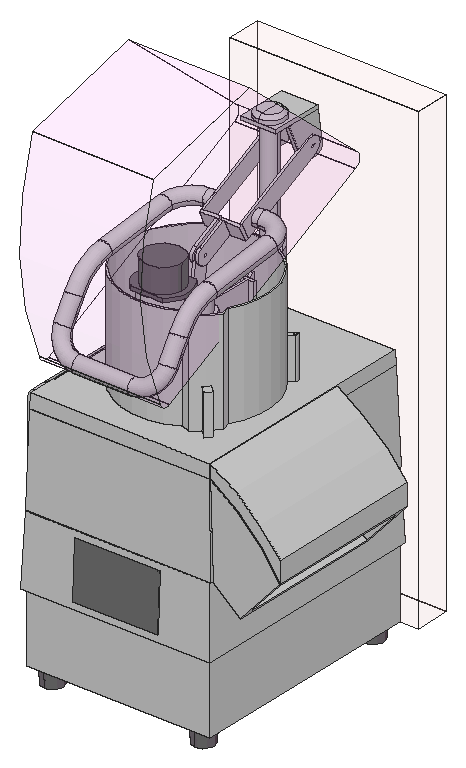
Revit family "Cortadora_CK-48V_1_GENERADO", category Equipos especializados, Revit 2020
Family settings
  Cota de conector redondo = Diámetro de uso
  Tipo de pieza = Normal
  Número OmniClass = 23.21.21.31.15
  Se basa en plano de trabajo = No
  Siempre vertical = Sí
  Corte con vacíos al cargar = No
  Compartido = No
  Punto de cálculo de habitación = No
Parameters (values of type "Combi vegetable prep.-cutter CK-48V 120/50-60/1")
  Width = 391 mm
  Weight in Pounds = 67.9
  Watts = 1500 W
  Volts = 120 V
  URL Cutsheet = "http://www.sammic.com/dl/454812/5b9ab/ps-en-1050822-combi-ck-48v.pdf"
  URL = "https://www.sammic.com/model/1050822"
  Specification by Manufacturer = "It has a variable speed motor block, large-capacity head and 8-lt cutter bowl equipped with a rotor with micro-serrated blades.\n\"Brushless\" technology."
  Show Logo [instance] = yes
  Show Clearances [instance] = yes
  Revision Code = "1"
  Phase = 1
  Modelo = "1050822"
  Height = 652 mm
  HP = "2.01"
  Foodservice Equipment Identifier = yes
  Fabricante = "SAMMIC S.L."
  FL Amps = 15 A
  Elevación por defecto = 0 mm
  Descripción = "Combi vegetable prep.-cutter CK-48V 120/50-60/1"
  Depth = 400 mm
  Cycle = 60 Hz
  Conn Plug = "USA (NEMA 5-15P / 2P+G)"
  Comentarios de tipo = "2 in 1: high capacity vegetable cutter (650 kg/h) + cutter with 8 litre bowl."
Types (4, lengths in mm): name | Volts | URL Cutsheet | URL | Modelo | FL Amps | Descripción | Cycle | Conn Plug
  (no name) | 120 V | "http://www.sammic.com/dl/454812/5b9ab/ps-en-1050822-combi-ck-48v.pdf" | "https://www.sammic.com/model/1050822" | "1050822" | 15 A | "Combi vegetable prep.-cutter CK-48V 120/50-60/1" | 60 Hz | "USA (NEMA 5-15P / 2P+G)"
  Combi vegetable prep.-cutter CK-48V 230/50-60/1 | 230 V | "http://www.sammic.com/dl/454811/72a48/ps-en-1050821-combi-ck-48v.pdf" | "https://www.sammic.com/model/1050821" | "1050821" | 10 A | "Combi vegetable prep.-cutter CK-48V 230/50-60/1" | 50 Hz | "EU (SCHUKO 2P+G)"
  Combi vegetable prep.-cutter CK-48V 120/50-60/1 | 120 V | "http://www.sammic.com/dl/454812/5b9ab/ps-en-1050822-combi-ck-48v.pdf" | "https://www.sammic.com/model/1050822" | "1050822" | 15 A | "Combi vegetable prep.-cutter CK-48V 120/50-60/1" | 60 Hz | "USA (NEMA 5-15P / 2P+G)"
  Combi vegetable prep.-cutter CK-48V 230/50-60/1 AUS | 230 V | "http://www.sammic.com/dl/454813/a198f/ps-en-1050823-combi-ck-48v.pdf" | "https://www.sammic.com/model/1050823" | "1050823" | 10 A | "Combi vegetable prep.-cutter CK-48V 230/50-60/1 AUS" | 50 Hz | "AU/NZ (AS 3112 10A / 2P)"
Reference planes
  plane 1 "Centro (Frontal/Posterior)": y = 0
  plane 2: z = 0
  plane 3 "Centro (Izquierda/Derecha)": x = 0
  plane 4: x = 357.084
  plane 5: x = -19.1
  plane 6: y = 28.8
  plane 7: through (4267.2, -357.37, 435.938) normal (0, -0.4258, 0.9048)
Forms (mm)
  Extrusion 1, solid
    sketch origin (0, 0, 0) x (1, 0, 0) y (0, 1, 0)
      loop
        line (0, 0) -> (0, -336.5) -> (259.8, -336.5) -> (259.8, 0) -> (0, 0)
    from 21 to 120
  Revolve 2, solid
    sketch origin (23, 0, 0) x (0, 1, 0) y (0, 0, 1)
      loop
        line (-335, 21) -> (-333.5, 0) -> (-319, 0) -> (-319, 21) -> (-335, 21)
      axis (-319, 21) -> (-319, 0)
    angle from 0 to 360
  Revolve 3, solid
    sketch origin (236.8, 0, 0) x (0, 1, 0) y (0, 0, 1)
      loop
        line (-335, 21) -> (-333.5, 0) -> (-319, 0) -> (-319, 21) -> (-335, 21)
      axis (-319, 21) -> (-319, 0)
    angle from 0 to 360
  Revolve 4, solid
    sketch origin (236.8, 301.5, 0) x (0, 1, 0) y (0, 0, 1)
      loop
        line (-335, 21) -> (-333.5, 0) -> (-319, 0) -> (-319, 21) -> (-335, 21)
      axis (-319, 21) -> (-319, 0)
    angle from 0 to 360
  Revolve 5, solid
    sketch origin (23, 301.5, 0) x (0, 1, 0) y (0, 0, 1)
      loop
        line (-335, 21) -> (-333.5, 0) -> (-319, 0) -> (-319, 21) -> (-335, 21)
      axis (-319, 21) -> (-319, 0)
    angle from 0 to 360
  Extrusion 6, solid
    sketch origin (0, 0, 0) x (0, 1, 0) y (0, 0, 1)
      loop
        line (-337.559, 209.463) -> (-338.558, 209.506) -> (-341.99, 129.58) -> (-340.991, 129.537) -> (-337.559, 209.463)
    from 69.9 to 189.9
  Revolve 7, solid
    sketch origin (0, 0, 157) x (1, 0, 0) y (0, 1, 0)
      loop
        line (211.45, 2.8) -> (224.95, 2.8) -> (224.95, 28.8) -> (211.45, 28.8) -> (211.45, 2.8)
      axis (224.95, 28.8) -> (224.95, 2.8)
    angle from 0 to 360
  Extrusion 8, solid
    sketch origin (26.882, -11.283, 5.525) x (1, 0, 0) y (0, 1, 0)
      loop
        circle (103.652, -246.7) r 27.4
    from 510.225 to 549.225
  Extrusion 9, solid
    sketch origin (377.233, -154.331, 5.525) x (0, -1, 0) y (1, 0, 0)
      loop
        arc (74.652, -269.678) -> (103.652, -283.7) -> (132.652, -269.678) r 37
        line (132.652, -269.678) -> (132.652, -223.721)
        arc (132.652, -223.721) -> (103.652, -209.7) -> (74.652, -223.721) r 37
        line (74.652, -223.721) -> (74.652, -269.678)
      loop
        circle (103.652, -246.7) r 27.4
    from 510.225 to 515.225
  Extrusion 10, solid
    sketch origin (0, 0, 0) x (0, 1, 0) y (0, 0, 1)
      loop
        line (-184.25, 195) -> (-184.25, 219) -> (-214.25, 219) -> (-214.25, 195) -> (-211.25, 195) -> (-211.25, 216) -> (-187.25, 216) -> (-187.25, 195) -> (-184.25, 195)
    from -19.1 to -1.647
  Extrusion 11, solid
    sketch origin (0, 0, 0) x (0, 1, 0) y (0, 0, 1)
      loop
        line (-7.849, 596.091) -> (-15.249, 643.55) -> (-66.749, 643.55) -> (-43.086, 590.478)
        arc (-43.086, 590.478) -> (-39.397, 586.162) -> (-33.953, 584.55) r 10
        line (-33.953, 584.55) -> (-17.73, 584.55)
        arc (-17.73, 584.55) -> (-10.133, 588.046) -> (-7.849, 596.091) r 10
      loop
        circle (-28.249, 603.55) r 6.125
    from 150.534 to 155.534
  Extrusion 12, solid
    sketch origin (-45, 0, 0) x (0, 1, 0) y (0, 0, 1)
      loop
        line (-7.849, 596.091) -> (-15.249, 643.55) -> (-66.749, 643.55) -> (-43.086, 590.478)
        arc (-43.086, 590.478) -> (-39.397, 586.162) -> (-33.953, 584.55) r 10
        line (-33.953, 584.55) -> (-17.73, 584.55)
        arc (-17.73, 584.55) -> (-10.133, 588.046) -> (-7.849, 596.091) r 10
      loop
        circle (-28.249, 603.55) r 6.125
    from 150.534 to 155.534
  Extrusion 13, solid
    sketch origin (0, 0, 0) x (0, 1, 0) y (0, 0, 1)
      loop
        line (-88.249, 643.55) -> (-15.249, 643.55) -> (-15.249, 648.55) -> (-88.249, 648.55) -> (-88.249, 643.55)
    from 105.534 to 155.534
  Extrusion 14, solid
    sketch origin (0, 0, 0) x (1, 0, 0) y (0, 1, 0)
      loop
        circle (130.468, -67.749) r 17.5
    from 483.65 to 495.65
  Extrusion 15, solid
    sketch origin (0, 0, 0) x (1, 0, 0) y (0, 1, 0)
      loop
        circle (130.534, -67.749) r 11
    from 495.65 to 643.55
  Revolve 16, solid
    sketch origin (130.468, 0, 0) x (0, 1, 0) y (0, 0, 1)
      loop
        line (-67.749, 658.55) -> (-67.749, 648.55) -> (-47.749, 648.55) -> (-47.749, 653.55) -> (-52.749, 658.55) -> (-67.749, 658.55)
      axis (-67.749, 658.55) -> (-67.749, 648.55)
    angle from 0 to 360
  Extrusion 17, solid
    sketch origin (0, 0, 0) x (0, 1, 0) y (0, 0, 1)
      loop
        arc (-369.948, 444.226) -> (-363.793, 436.882) -> (-354.21, 436.903) r 11.305
        line (-354.21, 436.903) -> (-24.343, 592.126)
        arc (-24.343, 592.126) -> (-16.044, 600.706) -> (-19.741, 612.056) r 11.573
        line (-19.741, 612.056) -> (-211.539, 778.246) -> (-381.288, 735.859)
        arc (-381.288, 735.859) -> (-404.982, 588.901) -> (-369.948, 444.226) r 377.017
    from 45.047 to 216.86
  Extrusion 18, solid
    sketch origin (0, 0, 0) x (0, 1, 0) y (0, 0, 1)
      loop
        line (28.8, 658.55) -> (28.8, 0) -> (78.8, 0) -> (78.8, 658.55) -> (28.8, 658.55)
    from -4.15 to 263.95
Lines and regions (mm)
  symbolic lines, style "200-EquipBorder-2D"
    curve 1: line (238.45, 28.8, 0) -> (211.45, 28.8, 0)
    curve 2: line (211.45, 28.8, 0) -> (211.45, 4.9, 0)
    curve 3: line (211.45, 4.9, 0) -> (-4.15, 4.9, 0)
    curve 4: line (-4.15, 4.9, 0) -> (-4.15, -65.2, 0)
    curve 5: line (-4.15, -65.2, 0) -> (-17.689, -65.2, 0)
    curve 6: line (-17.689, -65.2, 0) -> (-17.689, -85.2, 0)
    curve 7: line (-17.689, -85.2, 0) -> (-4.15, -85.2, 0)
    curve 8: line (-4.15, -85.2, 0) -> (-4.15, -86.2, 0)
    curve 9: line (-4.15, -86.2, 0) -> (-17.689, -86.2, 0)
    curve 10: line (-17.689, -86.2, 0) -> (-17.689, -184.25, 0)
    curve 11: line (-17.689, -184.25, 0) -> (-19.1, -184.25, 0)
    curve 12: line (-19.1, -184.25, 0) -> (-19.1, -214.25, 0)
    curve 13: line (-19.1, -214.25, 0) -> (-17.658, -214.25, 0)
    curve 14: line (-17.658, -214.25, 0) -> (-17.658, -290.7, 0)
    curve 15: line (-17.658, -290.7, 0) -> (-4.15, -290.7, 0)
    curve 16: line (-4.15, -290.7, 0) -> (-4.15, -291.7, 0)
    curve 17: line (-4.15, -291.7, 0) -> (-17.689, -291.7, 0)
    curve 18: line (-17.689, -291.7, 0) -> (-17.689, -311.7, 0)
    curve 19: line (-17.689, -311.7, 0) -> (-4.15, -311.7, 0)
    curve 20: line (-4.15, -311.7, 0) -> (-4.15, -341.4, 0)
    curve 21: line (263.95, -341.4, 0) -> (263.95, -333.216, 0)
    curve 22: line (263.95, -333.216, 0) -> (357.084, -333.216, 0)
    curve 23: line (357.084, -333.216, 0) -> (357.084, -107.816, 0)
    curve 24: line (357.084, -107.816, 0) -> (263.95, -107.816, 0)
    curve 25: line (263.95, -107.816, 0) -> (263.95, 4.9, 0)
    curve 26: line (263.95, 4.9, 0) -> (238.45, 4.9, 0)
    curve 27: line (238.45, 4.9, 0) -> (238.45, 28.8, 0)
    curve 28: line (-4.15, -341.4, 0) -> (45.039, -341.4, 0)
    curve 29: line (263.95, -341.4, 0) -> (216.037, -341.4, 0)
    curve 30: line (90.534, -369.948, 0) -> (170.534, -369.948, 0)
    curve 31: line (45.039, -341.4, 0) -> (58.437, -361.948, 0)
    curve 32: line (58.437, -361.948, 0) -> (90.534, -369.948, 0)
    curve 33: line (216.037, -341.4, 0) -> (170.534, -369.948, 0)
  model lines, style "QF-Door-Drawer_Clearances"
    curve 34: line (45.047, -405.267, 0) -> (216.86, -405.267, 0)
  symbolic lines, style "QF-Clearances"
    curve 35: line (-4.15, 78.8, 0) -> (263.95, 78.8, 0)
Dimensions and locks
  aligned and locked: level to plane 2
Nested families
  nested 1: "Carcasa_CK-35" at (-4.15, 4.9, 0), type "Carcasa_CK-35"
    with Show Logo yes, Show Clearances yes
  nested 2: "CK-35_Cortadora_Entrada" at (0, 0, 0), type "CK-35_Cortadora_Entrada"
    with Show Logo yes, Show Clearances yes
  nested 3: "CA-401_Cortadora_Entrada_Tapa" at (0, 0, 0), type "CA-401_Cortadora_Entrada_Tapa"
    with Show Logo yes, Show Clearances yes
  nested 4: "CA-401_Cortadora_Pisador" at (0, 0, 0), type "CA-401_Cortadora_Pisador"
    with Show Logo yes, Show Clearances yes
  nested 5: "CA-401_Cortadora_Palanca" at (130.534, -209.849, 11.171), type "CA-401_Cortadora_Palanca"
    with Show Logo yes, Show Clearances yes
Connectors
  electrical at (224.95, 2.8, 157)
    settings: on Revolve 7, index 1, voltage 230 V, apparent load 0 VA, apparent load phase1 0 VA, apparent load phase2 0 VA, apparent load phase3 0 VA, power factor 1, load classification "Otro", number of poles 1, system type 31, power factor state 1, is connector primary yes, connector utility no, sub classification motor no, connector description "Conexion electrica"
Definition of nested family "Carcasa_CK-35"
  Parameters
    Show Logo [instance] = yes
    Show Clearances [instance] = yes
    Default Elevation = 0 mm
  Reference planes
    plane 1 "Centro (Frontal/Posterior)": y = 0
    plane 2: z = 0
    plane 3 "Centro (Izquierda/Derecha)": x = 0
    plane 4: x = 134.05
  Forms (mm)
    Extrusion 1, solid
      sketch origin (0, 0, 0) x (1, 0, 0) y (0, 1, 0)
        loop
          line (0, 0) -> (0, -346.3) -> (268.1, -346.3) -> (268.1, 0) -> (0, 0)
      from 120 to 219
    Extrusion 2, void
      sketch origin (0, 0, 0) x (0, 1, 0) y (0, 0, 1)
        loop
          line (-347.3, 120) -> (-346.3, 120) -> (-342.05, 219) -> (-342.05, 220) -> (-347.3, 220) -> (-347.3, 120)
        loop
          line (0, 120) -> (1, 120) -> (1, 220) -> (-4.25, 220) -> (-4.25, 219) -> (0, 120)
      from 0 to 268.1
    Extrusion 3, void
      sketch origin (0, 0, 0) x (1, 0, 0) y (0, 0, 1)
        loop
          line (-1, 120) -> (0, 120) -> (3.55, 219) -> (3.55, 220) -> (-1, 220) -> (-1, 120)
        loop
          line (268.1, 120) -> (269.1, 120) -> (269.1, 220) -> (264.55, 220) -> (264.55, 219) -> (268.1, 120)
      from 0 to 347.3
    Extrusion 4, solid
      sketch origin (0, 0, 0) x (1, 0, 0) y (0, 1, 0)
        loop
          circle (134.05, -204.15) r 97
      from 219 to 231.5
  Cuts and joins
    Extrusion 2, Extrusion 3 cuts Extrusion 1
  Dimensions and locks
    aligned and locked: level to plane 2
Definition of nested family "CK-35_Cortadora_Entrada"
  Parameters
    Show Logo [instance] = yes
    Show Clearances [instance] = yes
    Default Elevation = 0 mm
  Reference planes
    plane 1 "Centro (Frontal/Posterior)": y = 0
    plane 2: z = 0
    plane 3 "Centro (Izquierda/Derecha)": x = 0
    plane 4: z = 219
  Forms (mm)
    Extrusion 1, solid
      sketch origin (0, 0, 0) x (1, 0, 0) y (0, 1, 0)
        loop
          line (-1.6, 0.5) -> (-1.6, -337) -> (261.4, -337) -> (261.4, 0.5) -> (-1.6, 0.5)
      from 219 to 348
    Extrusion 2, void
      sketch origin (0, 0, 0) x (1, 0, 0) y (0, 0, 1)
        loop
          line (2.9, 367.3) -> (2.9, 368.3) -> (-2.6, 368.3) -> (-2.6, 218) -> (-1.6, 218) -> (-1.6, 219) -> (2.9, 367.3)
        loop
          line (256.9, 368.3) -> (256.9, 367.3) -> (261.4, 219) -> (261.4, 218) -> (262.4, 218) -> (262.4, 368.3) -> (256.9, 368.3)
      from 0 to 337
    Extrusion 3, void
      sketch origin (0, 0, 0) x (0, 1, 0) y (0, 0, 1)
        loop
          line (-332.65, 367.3) -> (-332.65, 368.3) -> (-338, 368.3) -> (-338, 218) -> (-337, 218) -> (-337, 219) -> (-332.65, 367.3)
        loop
          line (-3.85, 367.3) -> (0, 219) -> (0, 218) -> (1.5, 218) -> (1.5, 368.3) -> (-3.85, 368.3) -> (-3.85, 367.3)
      from -1.6 to 261.4
    Extrusion 4, solid
      sketch origin (0, 0, 0) x (1, 0, 0) y (0, 0, 1)
        loop
          line (261.4, 219) -> (301, 185.8) -> (357.084, 248.401)
          arc (357.084, 248.401) -> (313.501, 304.417) -> (257.486, 348) r 286.5
          line (257.486, 348) -> (261.4, 219)
      from 107.816 to 333.216
    Extrusion 5, void
      sketch origin (0, 0, 0) x (1, 0, 0) y (0, 0, 1)
        loop
          line (262.77, 338.706) -> (266.33, 221.392) -> (308.172, 186.312) -> (356.653, 240.426)
          arc (356.653, 240.426) -> (315.239, 294.846) -> (262.77, 338.706) r 305.9
      from 112.816 to 328.216
    Extrusion 6, solid
      sketch origin (0, 0, 0) x (1, 0, 0) y (0, 0, 1)
        loop
          line (-0.426, 257.7) -> (2.314, 348)
          arc (2.314, 348) -> (-7.687, 358.002) -> (-17.689, 348) r 10.002
          line (-17.689, 348) -> (-17.689, 282.8) -> (-0.426, 257.7)
        loop
          circle (-7.687, 348) r 5
      from 291.7 to 311.7
    Extrusion 7, solid
      sketch origin (0, 231.5, 0) x (1, 0, 0) y (0, 0, 1)
        loop
          line (-0.426, 257.7) -> (2.314, 348)
          arc (2.314, 348) -> (-7.687, 358.002) -> (-17.689, 348) r 10.002
          line (-17.689, 348) -> (-17.689, 282.8) -> (-0.426, 257.7)
        loop
          circle (-7.687, 348) r 5
      from 296.7 to 316.7
  Cuts and joins
    Extrusion 2, Extrusion 3 cuts Extrusion 1
    Extrusion 5 cuts Extrusion 4
  Dimensions and locks
    aligned and locked: level to plane 2
Definition of nested family "CA-401_Cortadora_Entrada_Tapa"
  Parameters
    Show Logo [instance] = yes
    Show Clearances [instance] = yes
    Default Elevation = 0 mm
  Reference planes
    plane 1 "Centro (Frontal/Posterior)": y = 0
    plane 2: z = 0
    plane 3 "Centro (Izquierda/Derecha)": x = 0
    plane 4: z = 348
    plane 5: y = -198.591
    plane 6: x = 130.468
  Forms (mm)
    Extrusion 1, solid
      sketch origin (0, 0, 0) x (1, 0, 0) y (0, 1, 0)
        loop
          line (-1.6, 0.5) -> (-1.6, -337) -> (261.4, -337) -> (261.4, 0.5) -> (-1.6, 0.5)
      from 348 to 367.3
    Extrusion 2, void
      sketch origin (0, 0, 0) x (1, 0, 0) y (0, 0, 1)
        loop
          line (2.9, 367.3) -> (2.9, 368.3) -> (-2.6, 368.3) -> (-2.6, 218) -> (-1.6, 218) -> (-1.6, 219) -> (2.9, 367.3)
        loop
          line (256.9, 368.3) -> (256.9, 367.3) -> (261.4, 219) -> (261.4, 218) -> (262.4, 218) -> (262.4, 368.3) -> (256.9, 368.3)
      from 0 to 337
    Extrusion 3, void
      sketch origin (0, 0, 0) x (0, 1, 0) y (0, 0, 1)
        loop
          line (-332.65, 367.3) -> (-332.65, 368.3) -> (-338, 368.3) -> (-338, 348) -> (-337, 348) -> (-337, 219) -> (-332.65, 367.3)
        loop
          line (-3.85, 367.3) -> (0, 219) -> (0, 218) -> (1.5, 218) -> (1.5, 368.3) -> (-3.85, 368.3) -> (-3.85, 367.3)
      from -1.6 to 261.4
    Extrusion 4, solid
      sketch origin (0, 0, 0) x (1, 0, 0) y (0, 0, 1)
        loop
          line (256.9, 367.3) -> (257.486, 348)
          arc (257.486, 348) -> (313.501, 304.417) -> (357.084, 248.401) r 286.5
          line (357.084, 248.401) -> (357.084, 278.8)
          arc (357.084, 278.8) -> (311.937, 328.648) -> (256.9, 367.3) r 302.8
      from 107.816 to 332.65
    Extrusion 5, solid
      sketch origin (0, 0, 0) x (1, 0, 0) y (0, 0, 1)
        loop
          line (2.9, 367.3) -> (-13.313, 356.269)
          arc (-13.313, 356.269) -> (-12.365, 339.16) -> (2.314, 348) r 10.002
          line (2.314, 348) -> (2.9, 367.3)
        loop
          circle (-7.687, 348) r 5
      from 86.2 to 290.7
    Extrusion 6, solid
      sketch origin (0, 0, 0) x (1, 0, 0) y (0, 1, 0)
        loop
          arc (191.103, -287.292) -> (205.777, -275.226) -> (218.097, -260.765) r 107.445
          line (218.097, -260.765) -> (215.183, -249.496)
          arc (215.183, -249.496) -> (61.195, -128.099) -> (179.886, -284.181) r 98.832
          line (179.886, -284.181) -> (191.103, -287.292)
        loop
          arc (216.86, -249.939) -> (60.026, -126.909) -> (180.301, -285.866) r 100.5
          line (180.301, -285.866) -> (192.689, -289.302)
          arc (192.689, -289.302) -> (207.568, -277.049) -> (220.079, -262.387) r 110
          line (220.079, -262.387) -> (216.86, -249.939)
      from 367.3 to 513.684
    Extrusion 7, solid
      sketch origin (0, 0, 0) x (1, 0, 0) y (0, 1, 0)
        loop
          circle (130.468, -67.749) r 12.1
        loop
          line (126.449, -84.346) -> (126.449, -98.171)
          arc (126.449, -98.171) -> (130.468, -98.091) -> (134.486, -98.171) r 100.5
          line (134.486, -98.171) -> (134.486, -84.346)
          arc (134.486, -84.346) -> (130.468, -50.673) -> (126.449, -84.346) r 17.076
        loop
          circle (211.568, -124.276) r 2.009
        loop
          line (208.848, -121.308) -> (201.785, -127.78)
          arc (201.785, -127.78) -> (204.564, -130.694) -> (207.225, -133.717) r 100.5
          line (207.225, -133.717) -> (214.288, -127.244)
          arc (214.288, -127.244) -> (214.536, -121.556) -> (208.848, -121.308) r 4.026
        loop
          line (214.656, -291.323) -> (221.848, -284.131) -> (211.115, -273.398)
          arc (211.115, -273.398) -> (207.57, -277.046) -> (203.86, -280.527) r 110
          line (203.86, -280.527) -> (214.656, -291.323)
      from 367.3 to 424.3
  Cuts and joins
    Extrusion 2, Extrusion 3 cuts Extrusion 1
  Dimensions and locks
    aligned and locked: level to plane 2
Definition of nested family "CA-401_Cortadora_Pisador"
  Parameters
    Show Logo [instance] = yes
    Show Clearances [instance] = yes
    Default Elevation = 0 mm
  Reference planes
    plane 1 "Centro (Frontal/Posterior)": y = 0
    plane 2: z = 0
    plane 3 "Centro (Izquierda/Derecha)": x = 0
  Forms (mm)
    Extrusion 1, solid
      sketch origin (0, 0, 0) x (1, 0, 0) y (0, 1, 0)
        loop
          arc (146.25, -220.283) -> (148.839, -218.139) -> (151.14, -215.687) r 26.826
          arc (151.14, -215.687) -> (154.034, -214.24) -> (157.051, -215.408) r 4
          line (157.051, -215.408) -> (201.569, -259.925)
          arc (201.569, -259.925) -> (64.747, -131.524) -> (190.349, -270.92) r 93.9
          line (190.349, -270.92) -> (161.416, -241.988)
          arc (161.416, -241.988) -> (155.088, -233.321) -> (146.421, -226.993) r 34.818
          line (146.421, -226.993) -> (145.775, -226.346)
          arc (145.775, -226.346) -> (144.615, -223.205) -> (146.25, -220.283) r 4
        loop
          circle (130.52, -257.976) r 27.619
      from 367.3 to 375.3
    Extrusion 2, solid
      sketch origin (0, 0, 0) x (1, 0, 0) y (0, 1, 0)
        loop
          circle (130.52, -257.976) r 27.603
        loop
          circle (130.534, -257.94) r 30.298
      from 380.15 to 515.75
    Extrusion 3, solid
      sketch origin (0, 0, 0) x (1, 0, 0) y (0, 1, 0)
        loop
          arc (129.004, -174.026) -> (130.468, -223.2) -> (131.932, -174.026) r 24.609
          line (131.932, -174.026) -> (131.932, -108.629) -> (139.817, -108.629) -> (139.817, -105.143)
          arc (139.817, -105.143) -> (130.467, -104.691) -> (121.118, -105.173) r 93.859
          line (121.118, -105.173) -> (121.118, -108.629) -> (129.004, -108.629) -> (129.004, -174.026)
      from 380.15 to 459.15
    Extrusion 4, solid
      sketch origin (0, 0, 0) x (1, 0, 0) y (0, 1, 0)
        loop
          arc (201.702, -259.993) -> (64.757, -131.545) -> (190.45, -271.022) r 93.961
          line (190.45, -271.022) -> (161.416, -241.988)
          arc (161.416, -241.988) -> (155.088, -233.321) -> (146.421, -226.993) r 34.818
          line (146.421, -226.993) -> (145.773, -226.345)
          arc (145.773, -226.345) -> (144.614, -223.203) -> (146.251, -220.28) r 4
          arc (146.251, -220.28) -> (148.855, -218.124) -> (151.167, -215.656) r 26.743
          arc (151.167, -215.656) -> (154.061, -214.205) -> (157.081, -215.372) r 4
          line (157.081, -215.372) -> (201.702, -259.993)
        loop
          circle (130.52, -257.976) r 27.603
        loop
          circle (130.407, -257.983) r 30.432
        loop
          arc (144.983, -218.571) -> (147.392, -216.576) -> (149.529, -214.293) r 24.7
          arc (149.529, -214.293) -> (153.871, -212.115) -> (158.403, -213.865) r 6
          line (158.403, -213.865) -> (201.771, -257.233)
          arc (201.771, -257.233) -> (216.489, -232.097) -> (222.634, -203.625) r 92.237
          line (222.634, -203.625) -> (209.099, -203.625) -> (209.099, -193.557) -> (222.628, -193.557)
          arc (222.628, -193.557) -> (204.155, -143.081) -> (160.679, -111.474) r 92.237
          line (160.679, -111.474) -> (144.728, -111.474) -> (139.817, -108.629) -> (121.118, -108.629) -> (116.208, -111.474) -> (100.386, -111.474)
          arc (100.386, -111.474) -> (56.91, -143.08) -> (38.436, -193.557) r 92.237
          line (38.436, -193.557) -> (51.837, -193.557) -> (51.837, -203.625) -> (38.43, -203.625)
          arc (38.43, -203.625) -> (92.55, -282.698) -> (187.66, -271.06) r 92.237
          line (187.66, -271.06) -> (163.484, -246.884) -> (159.568, -242.968)
          arc (159.568, -242.968) -> (153.6, -234.79) -> (145.421, -228.821) r 32.8
          line (145.421, -228.821) -> (144.267, -227.668)
          arc (144.267, -227.668) -> (142.528, -222.954) -> (144.983, -218.571) r 6
      from 375.3 to 380.15
    Extrusion 5, solid
      sketch origin (0, 0, 225) x (1, 0, 0) y (0, 1, 0)
        loop
          circle (130.468, -67.749) r 12.1
        loop
          circle (130.468, -67.749) r 17.076
      from 199.3 to 258.65
    Extrusion 6, solid
      sketch origin (0, 0, 0) x (1, 0, 0) y (0, 0, 1)
        loop
          line (51.837, 380.15) -> (51.837, 375.3) -> (105.859, 375.3) -> (105.859, 401.3) -> (51.837, 380.15)
        loop
          line (155.077, 401.3) -> (155.077, 375.3) -> (209.099, 375.3) -> (209.099, 380.15) -> (155.077, 401.3)
      from 196.083 to 201.091
    Extrusion 7, solid
      sketch origin (0, 0, 0) x (0, 1, 0) y (0, 0, 1)
        loop
          line (-84.826, 483.65) -> (-104.656, 459.15) -> (-104.656, 424.3) -> (-84.826, 424.3) -> (-84.826, 483.65)
      from 127.968 to 132.968
    Revolve 8, solid
      sketch origin (130.468, 0, 0) x (0, 1, 0) y (0, 0, 1)
        loop
          line (-217.613, 459.15) -> (-198.613, 459.15) -> (-198.613, 483.65) -> (-213.113, 483.65) -> (-213.113, 478.65) -> (-217.613, 478.65) -> (-217.613, 459.15)
        axis (-198.613, 483.65) -> (-198.613, 459.15)
      angle from 0 to 360
    Extrusion 9, void
      sketch origin (130.468, 0, 459.15) x (1, 0, 0) y (0, 1, 0)
        loop
          line (-2.4, -213.313) -> (2.4, -213.313) -> (2.4, -183.913) -> (-2.4, -183.913) -> (-2.4, -213.313)
      from 19.5 to 25
  Cuts and joins
    Extrusion 9 cuts Revolve 8
  Dimensions and locks
    aligned and locked: level to plane 2
Definition of nested family "CA-401_Cortadora_Palanca"
  Parameters
    Show Logo [instance] = yes
    Show Clearances [instance] = yes
    Default Elevation = 0 mm
  Reference planes
    plane 1 "Centro (Frontal/Posterior)": y = 0
    plane 2: z = 0
    plane 3 "Centro (Izquierda/Derecha)": x = 0
  Forms (mm)
    Sweep 1, solid
      path origin (0, -112.778, 496.845) x (1, 0, 0) y (0, 0.510843, 0.859674)
        loop
          line (-74.5, 0) -> (-74.5, -36.14)
          arc (-74.5, -36.14) -> (-64.249, -60.889) -> (-39.5, -71.14) r 35
          line (-39.5, -71.14) -> (39.5, -71.14)
          arc (39.5, -71.14) -> (64.249, -60.889) -> (74.5, -36.14) r 35
          line (74.5, -36.14) -> (74.5, 0)
      profile origin (-74.5, -122.009, 481.31) x (1, 0, 0) y (0, -0.859674, 0.510843)
        loop
          circle (0, 0) r 11
    Sweep 2, solid
      path origin (0, -59.918, 530.702) x (1, 0, 0) y (0, 0.994522, 0.104528)
        loop
          line (-74.5, 0) -> (-74.5, 107.8)
          arc (-74.5, 107.8) -> (-64.249, 132.549) -> (-39.5, 142.8) r 35
          line (-39.5, 142.8) -> (-29, 142.8)
      profile origin (-74.5, -6.313, 536.336) x (-1, 0, 0) y (0, -0.104528, 0.994522)
        loop
          circle (0, 0) r 11
    Sweep 3, solid
      path origin (0, -59.918, 530.702) x (1, 0, 0) y (0, 0.994522, 0.104528)
        loop
          line (74.5, 0) -> (74.5, 107.8)
          arc (74.5, 107.8) -> (64.249, 132.549) -> (39.5, 142.8) r 35
          line (39.5, 142.8) -> (29, 142.8)
      profile origin (74.5, -6.313, 536.336) x (-1, 0, 0) y (0, -0.104528, 0.994522)
        loop
          circle (0, 0) r 11
    Sweep 4, solid
      path origin (0, -90.356, 520.031) x (0, 0.842076, 0.539359) y (0, -0.539359, 0.842076)
        loop
          arc (31.387, -7.431) -> (0, 0) -> (-31.387, -7.431) r 70
      profile origin (0, -90.356, 520.031) x (0, 0.539359, -0.842076) y (1, 0, 0)
        loop
          circle (0, 74.5) r 11
    Sweep 5, solid
      path origin (-149, -90.356, 520.031) x (0, 0.842076, 0.539359) y (0, -0.539359, 0.842076)
        loop
          arc (31.387, -7.431) -> (0, 0) -> (-31.387, -7.431) r 70
      profile origin (-149, -90.356, 520.031) x (0, 0.539359, -0.842076) y (1, 0, 0)
        loop
          circle (0, 74.5) r 11
    Extrusion 6, solid
      sketch origin (0, -575.044, 554.813) x (0, 0.165564, 0.986199) y (0, -0.986199, 0.165564)
        loop
          line (10, -602.379) -> (60, -602.379)
          arc (60, -602.379) -> (70, -592.379) -> (60, -582.379) r 10
          line (60, -582.379) -> (10, -582.379)
          arc (10, -582.379) -> (0, -592.379) -> (10, -602.379) r 10
        loop
          circle (10, -592.379) r 3
        loop
          circle (60, -592.379) r 5
      from -2 to 2
    Extrusion 7, solid
      sketch origin (0, -68.813, 1129.231) x (1, 0, 0) y (0, -0.904827, -0.425779)
        loop
          line (-29, 138.7) -> (-29, 134.7) -> (-2, 134.7) -> (-2, 138.7) -> (-29, 138.7)
      from 580.379 to 604.379
    Extrusion 8, solid
      sketch origin (31, -68.813, 1129.231) x (1, 0, 0) y (0, -0.904827, -0.425779)
        loop
          line (-29, 138.7) -> (-29, 134.7) -> (-2, 134.7) -> (-2, 138.7) -> (-29, 138.7)
      from 580.379 to 604.379
    Extrusion 9, solid
      sketch origin (31, -68.813, 1129.231) x (0, -0.904827, -0.425779) y (0, 0.425779, -0.904827)
        loop
          line (138.7, 604.379) -> (138.7, 580.379) -> (181.6, 580.379)
          arc (181.6, 580.379) -> (193.6, 592.379) -> (181.6, 604.379) r 12
          line (181.6, 604.379) -> (138.7, 604.379)
        loop
          circle (181.6, 592.379) r 3
      from -29 to -25
    Extrusion 10, solid
      sketch origin (23, -68.813, 1129.231) x (0, -0.904827, -0.425779) y (0, 0.425779, -0.904827)
        loop
          line (138.7, 604.379) -> (138.7, 580.379) -> (181.6, 580.379)
          arc (181.6, 580.379) -> (193.6, 592.379) -> (181.6, 604.379) r 12
          line (181.6, 604.379) -> (138.7, 604.379)
        loop
          circle (181.6, 592.379) r 3
      from -29 to -25
    Extrusion 11, solid
      sketch origin (31, -68.813, 1129.231) x (0, -0.904827, -0.425779) y (0, 0.425779, -0.904827)
        loop
          line (134.7, 604.379) -> (2, 604.379)
          arc (2, 604.379) -> (-10, 592.379) -> (2, 580.379) r 12
          line (2, 580.379) -> (134.7, 580.379) -> (134.7, 604.379)
        loop
          circle (2, 592.379) r 3
      from -6 to -2
    Extrusion 12, solid
      sketch origin (-23, -68.813, 1129.231) x (0, -0.904827, -0.425779) y (0, 0.425779, -0.904827)
        loop
          line (134.7, 604.379) -> (2, 604.379)
          arc (2, 604.379) -> (-10, 592.379) -> (2, 580.379) r 12
          line (2, 580.379) -> (134.7, 580.379) -> (134.7, 604.379)
        loop
          circle (2, 592.379) r 3
      from -6 to -2
  Dimensions and locks
    aligned and locked: level to plane 2
